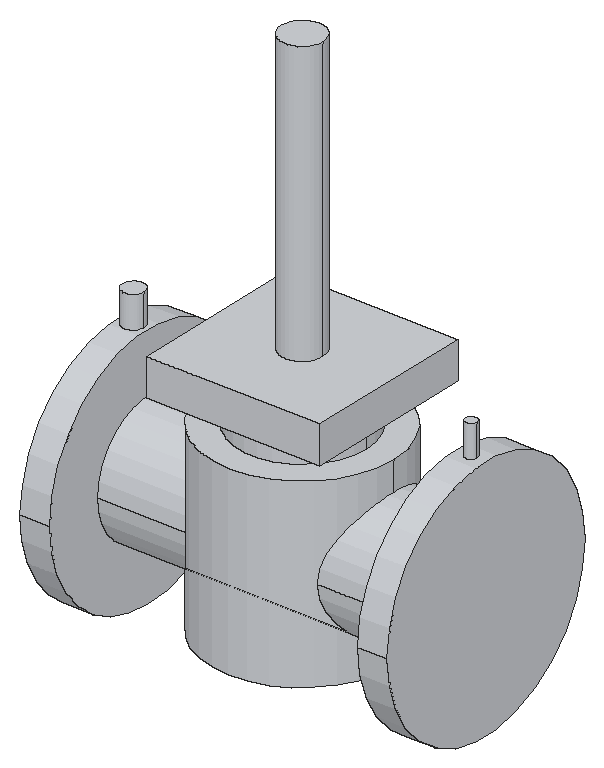
Revit family "OPTIMA_Compact_FLANGE_PN25_DN100-HF_RFA_2018", category Pipe Accessories, Revit 2018
Family settings
  Round Connector Dimension = Use Diameter
  Part Type = Valve - Breaks Into
  Work Plane-Based = No
  Always vertical = Yes
  Cut with Voids When Loaded = No
  Shared = No
Parameters (values of type "Optima Compact Flange PN25 DN100 HF")
  magiProductId = "Frese Optima Flange DN100 HF"
  magiProductFamilyId = "Frese Optima Flange *"
  magiPartTypeId = 304
  isMeasuringValve [instance] = no
  ang2D [instance] = 0.00°
  W2D = 50 mm
  VersionID = "2.0/2018.8.28.1/FRESE_OPTIMA_FLANGE_Q13_002"
  Use Minimum Symbol Size [instance] = yes
  URL = "www.hydronic.cz"
  Type Comments = "Přírubový; PN25; 0~120°C, s měřením"
  R4 = 61.25 mm
  R3 = 61.1 mm
  R1 = 87.5 mm
  QmdConnectorList = "301;D;302;D"
  Productdata [instance] = ""
  Manufacturer = "Hydronic Systems Prague s.r.o."
  MC Product Code = "53-1233 (DN100 HF; 40mm; pohon min 1000N; Qmin-dpmin 14800l/h-30.0kPa; Qmax-dpmin 90000l/h-75.0kPa; dpmax 800kPa)"
  MC Piping Given Pressure Drop [instance] = 0.0 Pa
  LF__ve = -LF  # -28 mm
  LF2 = 14 mm
  LF = 28 mm
  L4 = 164.5 mm
  L3 = 294 mm
  L2D_Min = 3048 mm
  L2D = 230 mm
  L2 = 175 mm
  H6 = 268.75 mm
  H4 = 35.25 mm
  H3 = 29.375 mm
  H2 = 88.125 mm
  H1 = 176.25 mm
  Description = "Tlakově nezávislý 2-cestný regulační vyvažovací ventil (PICV)"
  DF2 = 117.5 mm
  D = 100 mm
  CAT0 = yes
Types (14, lengths in mm): name | magiProductId | magiProductFamilyId | W2D | Type Comments | R4 | R3 | R1 | MC Product Code | LF__ve | LF2 | LF | L4 | L3 | L2D | L2 | H6 | H4 | H3 | H2 | H1 | DF2 | D
  Optima Compact Flange PN25 DN050 LF | "Frese Optima Flange DN050 LF" | "Frese Optima Flange *" | 50 | "Přírubový; PN25; 0~120°C, s měřením" | 40.3 | 42.9 | 57.5 | "53-1220 (DN50 LF; 20mm; pohon min 1000N; Qmin-dpmin 2500l/h-6.5kPa; Qmax-dpmin 15000l/h-20.0kPa; dpmax 800kPa)" | -18.4 | 9.2 | 18.4 | 108.1 | 193.2 | 230 | 115 | 157.3 | 24.8 | 20.6 | 61.9 | 123.8 | 82.5 | 50
  Optima Compact Flange PN25 DN050 HF | "Frese Optima Flange DN050 HF" | "Frese Optima Flange *" | 50 | "Přírubový; PN25; 0~120°C, s měřením" | 40.25 | 42.9 | 57.5 | "53-1230 (DN50 HF; 20mm; pohon min 1000N; Qmin-dpmin 3900l/h-19.0kPa; Qmax-dpmin 24000l/h-50.0kPa; dpmax 800kPa)" | -18.4 | 9.2 | 18.4 | 108.1 | 193.2 | 230 | 115 | 157.25 | 24.75 | 20.625 | 61.875 | 123.75 | 82.5 | 50
  Optima Compact Flange PN25 DN065 LF | "Frese Optima Flange DN065 LF" | "Frese Optima Flange *" | 50 | "Přírubový; PN25; 0~120°C, s měřením" | 50.75 | 48.1 | 72.5 | "53-1221 (DN65 LF; 20mm; pohon min 1000N; Qmin-dpmin 4400l/h-15.0kPa; Qmax-dpmin 25000l/h-25.0kPa; dpmax 800kPa)" | -23.2 | 11.6 | 23.2 | 136.3 | 243.6 | 230 | 145 | 171.25 | 27.75 | 23.125 | 69.375 | 138.75 | 92.5 | 65
  Optima Compact Flange PN25 DN065 HF | "Frese Optima Flange DN065 HF" | "Frese Optima Flange *" | 50 | "Přírubový; PN25; 0~120°C, s měřením" | 50.75 | 48.1 | 72.5 | "53-1231 (DN65 HF; 20mm; pohon min 1000N; Qmin-dpmin 6000l/h-30.0kPa; Qmax-dpmin 35000l/h-55.0kPa; dpmax 800kPa)" | -23.2 | 11.6 | 23.2 | 136.3 | 243.6 | 230 | 145 | 171.25 | 27.75 | 23.125 | 69.375 | 138.75 | 92.5 | 65
  Optima Compact Flange PN25 DN080 LF | "Frese Optima Flange DN080 LF" | "Frese Optima Flange *" | 50 | "Přírubový; PN25; 0~120°C, s měřením" | 54.25 | 52 | 77.5 | "53-1222 (DN80 LF; 20mm; pohon min 1000N; Qmin-dpmin 5300l/h-16.0kPa; Qmax-dpmin 34000l/h-25.0kPa; dpmax 800kPa)" | -24.8 | 12.4 | 24.8 | 145.7 | 260.4 | 230 | 155 | 183 | 30 | 25 | 75 | 150 | 100 | 80
  Optima Compact Flange PN25 DN080 HF | "Frese Optima Flange DN080 HF" | "Frese Optima Flange *" | 50 | "Přírubový; PN25; 0~120°C, s měřením" | 54.25 | 52 | 77.5 | "53-1232 (DN80 HF; 20mm; pohon min 1000N; Qmin-dpmin 7000l/h-23.0kPa; Qmax-dpmin 43000l/h-50.0kPa; dpmax 800kPa)" | -24.8 | 12.4 | 24.8 | 145.7 | 260.4 | 230 | 155 | 183 | 30 | 25 | 75 | 150 | 100 | 80
  Optima Compact Flange PN25 DN100 LF | "Frese Optima Flange DN100 LF" | "Frese Optima Flange *" | 50 | "Přírubový; PN25; 0~120°C, s měřením" | 61.25 | 61.1 | 87.5 | "53-1223 (DN100 LF; 40mm; pohon min 1000N; Qmin-dpmin 12100l/h-20.0kPa; Qmax-dpmin 68000l/h-35.0kPa; dpmax 800kPa)" | -28 | 14 | 28 | 164.5 | 294 | 230 | 175 | 268.75 | 35.25 | 29.375 | 88.125 | 176.25 | 117.5 | 100
  Optima Compact Flange PN25 DN100 HF | "Frese Optima Flange DN100 HF" | "Frese Optima Flange *" | 50 | "Přírubový; PN25; 0~120°C, s měřením" | 61.25 | 61.1 | 87.5 | "53-1233 (DN100 HF; 40mm; pohon min 1000N; Qmin-dpmin 14800l/h-30.0kPa; Qmax-dpmin 90000l/h-75.0kPa; dpmax 800kPa)" | -28 | 14 | 28 | 164.5 | 294 | 230 | 175 | 268.75 | 35.25 | 29.375 | 88.125 | 176.25 | 117.5 | 100
  Optima Compact Flange PN25 DN125 LF | "Frese Optima Flange DN125 LF" | "Frese Optima Flange *" | 50 | "Přírubový; PN25; 0~120°C, s měřením" | 70 | 70.2 | 100 | "53-1224 (DN125 LF; 40mm; pohon min 1000N; Qmin-dpmin 18500l/h-16.0kPa; Qmax-dpmin 110000l/h-35.0kPa; dpmax 800kPa)" | -32 | 16 | 32 | 188 | 336 | 230 | 200 | 275.5 | 40.5 | 33.75 | 101.25 | 202.5 | 135 | 125
  Optima Compact Flange PN25 DN125 HF | "Frese Optima Flange DN125 HF" | "Frese Optima Flange *" | 50 | "Přírubový; PN25; 0~120°C, s měřením" | 70 | 70.2 | 100 | "53-1234 (DN125 HF; 40mm; pohon min 1000N; Qmin-dpmin 23000l/h-27.0kPa; Qmax-dpmin 135000l/h-53.0kPa; dpmax 800kPa)" | -32 | 16 | 32 | 188 | 336 | 230 | 200 | 275.5 | 40.5 | 33.75 | 101.25 | 202.5 | 135 | 125
  Optima Compact Flange PN25 DN150 LF | "Frese Optima Flange DN150 LF" | "Frese Optima Flange *" | 50 | "Přírubový; PN25; 0~110°C, s měřením" | 84 | 74.1 | 120 | "53-1225 (DN150 LF; 43mm; pohon min 1500N; Qmin-dpmin 25600l/h-21.0kPa; Qmax-dpmin 148000l/h-35.0kPa; dpmax 800kPa)" | -38.4 | 19.2 | 38.4 | 225.6 | 403.2 | 230 | 240 | 279.25 | 42.75 | 35.625 | 106.875 | 213.75 | 142.5 | 150
  Optima Compact Flange PN25 DN150 HF | "Frese Optima Flange DN150 HF" | "Frese Optima Flange *" | 50 | "Přírubový; PN25; 0~110°C, s měřením" | 84 | 74.1 | 120 | "53-1235 (DN150 HF; 43mm; pohon min 1500N; Qmin-dpmin 32000l/h-33.0kPa; Qmax-dpmin 195000l/h-65.0kPa; dpmax 800kPa)" | -38.4 | 19.2 | 38.4 | 225.6 | 403.2 | 230 | 240 | 279.25 | 42.75 | 35.625 | 106.875 | 213.75 | 142.5 | 150
  Optima Compact Flange PN25 DN200 LF | "" | "" | 100 | "Přírubový; PN25; 0~110°C, s měřením" | 164.5 | 98.8 | 235 | "53-1226 (DN200 LF; 43mm; pohon min 1500N; Qmin-dpmin 95000l/h-11.0kPa; Qmax-dpmin 210000l/h-32.0kPa; dpmax 800kPa)" | -48 | 24 | 48 | 282 | 504 | 350 | 300 | 281 | 57 | 15 | 209 | 380 | 190 | 200
  Optima Compact Flange PN25 DN200 HF | "" | "" | 100 | "Přírubový; PN25; 0~110°C, s měřením" | 164.5 | 98.8 | 235 | "53-1236 (DN200 HF; 43mm; pohon min 1500N; Qmin-dpmin 130000l/h-31.0kPa; Qmax-dpmin 280000l/h-78.0kPa; dpmax 800kPa)" | -48 | 24 | 48 | 282 | 504 | 350 | 300 | 281 | 57 | 15 | 209 | 380 | 190 | 200
Reference planes
  plane 1 "Center (Front/Back)": y = 0
  plane 2 "XYPLANE": z = 0
  plane 3 "Center (Left/Right)": x = 0
  plane 4 "157": x = 161
  plane 5 "156": x = -161
  plane 6 "155": z = 117.5
  plane 7 "154": z = 152.75
  plane 8 "153": z = 117.5
  plane 9 "152": z = 88.125
  plane 10 "151": x = -147
  plane 11 "150": z = -88.125
  plane 12 "149": x = 0
  plane 13 "148": y = 0
  plane 14 "147": z = 0
  plane 15 "146": x = -175
  plane 16 "145": x = 175
Forms (mm)
  Extrusion 1, solid, visible <- "CAT0"
    sketch origin (-750, 0, 117.5) x (1, 0, 0) y (0, 1, 0)
      loop
        circle (911, 0) r 5.5
    from 0 to 30
  Extrusion 2, solid, visible <- "CAT0"
    sketch origin (-750, 0, 117.5) x (1, 0, 0) y (0, 1, 0)
      loop
        circle (589, 0) r 10.3
    from 0 to 30
  Extrusion 3, solid, visible <- "CAT0"
    sketch origin (-750, 0, 152.75) x (1, 0, 0) y (0, 1, 0)
      loop
        circle (750, 0) r 20
    from 0 to 268.75 <- "H6"
  Extrusion 4, solid, visible <- "CAT0"
    sketch origin (-750, 0, 117.5) x (1, 0, 0) y (0, 1, 0)
      loop
        line (832.25, 82.25) -> (667.75, 82.25) -> (667.75, -82.25) -> (832.25, -82.25) -> (832.25, 82.25)
    from 0 to 35.25 <- "H4"
  Extrusion 5, solid, visible <- "CAT0"
    sketch origin (-750, 0, 88.125) x (1, 0, 0) y (0, 1, 0)
      loop
        circle (750, 0) r 61.25
    from 0 to 29.375 <- "H3"
  Extrusion 6, solid, visible <- "CAT0"
    sketch origin (-147, -750, 0) x (0, 1, 0) y (0, 0, 1)
      loop
        circle (750, 0) r 61.1
    from 0 to 294 <- "L3"
  Extrusion 7, solid, visible <- "CAT0"
    sketch origin (-750, 0, -88.125) x (1, 0, 0) y (0, 1, 0)
      loop
        circle (750, 0) r 87.5
    from 0 to 176.25 <- "H1"
  Extrusion 8, solid, visible <- "CAT0"
    sketch origin (-175, -750, 0) x (0, 1, 0) y (0, 0, 1)
      loop
        circle (750, 0) r 117.5
    from 0 to 28 <- "LF"
  Extrusion 9, solid, visible <- "CAT0"
    sketch origin (175, -750, 0) x (0, 1, 0) y (0, 0, 1)
      loop
        circle (750, 0) r 117.5
    from 0 to -28 <- "LF__ve"
  Extrusion 10, solid, not visible
    sketch origin (-175, -750, 0) x (0, 1, 0) y (0, 0, 1)
      loop
        circle (750, 0) r 10
    from 0 to 10
  Extrusion 11, solid, not visible
    sketch origin (175, -750, 0) x (0, 1, 0) y (0, 0, 1)
      loop
        circle (750, 0) r 10
    from 0 to -10
Lines and regions (mm)
  reference lines, not visible
    curve 1: circle (2, 2, 0) r 1 normal (0, 0, 1)
  reference lines
    curve 2: circle (0, 0, 117.5) r 1 normal (0, 0, 1)
Dimensions and locks
  plane 1 "Center (Front/Back)" to curve 1 = 2 mm
  "LF2": plane 16 "145" to plane 4 "157"
  "LF2": plane 15 "146" to plane 5 "156"
  "DF2": plane 2 "XYPLANE" to plane 6 "155"
  "H4": plane 8 "153" to plane 7 "154"
  "H3": plane 9 "152" to plane 8 "153"
  "H1": plane 11 "150" to plane 9 "152"
  "LF": plane 15 "146" to plane 10 "151"
  "H2": plane 2 "XYPLANE" to plane 11 "150"
  locked: plane 3 "Center (Left/Right)" to plane 12 "149"
  locked: plane 1 "Center (Front/Back)" to plane 13 "148"
  locked: plane 2 "XYPLANE" to plane 14 "147"
  "L2": plane 3 "Center (Left/Right)" to plane 15 "146"
  "L2": plane 3 "Center (Left/Right)" to plane 16 "145"
  equal spacing: Extrusion 4 sketch curve, curve 2, Extrusion 4 sketch curve  (x2)
  "L4": Extrusion 4 sketch curve to Extrusion 4 sketch curve  (x2)
  Extrusion 4 sketch curve to Extrusion 4 sketch curve = 0 mm  (x8)
  "R4": radius of Extrusion 5 sketch curve
  "R3": radius of Extrusion 6 sketch curve
  "R1": radius of Extrusion 7 sketch curve
  "DF2": radius of Extrusion 8 sketch curve
  "DF2": radius of Extrusion 9 sketch curve
  aligned and locked: level to plane 2 "XYPLANE"
  aligned and locked: plane 4 "157" to Extrusion 1 sketch curve
  aligned and locked: plane 13 "148" to Extrusion 1 sketch curve
  aligned and locked: plane 5 "156" to Extrusion 2 sketch curve
  aligned and locked: plane 13 "148" to Extrusion 2 sketch curve
  aligned and locked: plane 12 "149" to Extrusion 3 sketch curve
  aligned and locked: plane 13 "148" to Extrusion 3 sketch curve
  aligned and locked: plane 12 "149" to curve 2
  aligned and locked: plane 13 "148" to curve 2
  aligned and locked: plane 12 "149" to Extrusion 5 sketch curve
  aligned and locked: plane 13 "148" to Extrusion 5 sketch curve
  aligned and locked: Extrusion 6 sketch curve to plane 13 "148"
  aligned and locked: plane 14 "147" to Extrusion 6 sketch curve
  aligned and locked: plane 12 "149" to Extrusion 7 sketch curve
  aligned and locked: plane 13 "148" to Extrusion 7 sketch curve
  aligned and locked: Extrusion 8 sketch curve to plane 13 "148"
  aligned and locked: plane 14 "147" to Extrusion 8 sketch curve
  aligned and locked: Extrusion 9 sketch curve to plane 13 "148"
  aligned and locked: plane 14 "147" to Extrusion 9 sketch curve
  aligned and locked: Extrusion 10 sketch curve to plane 13 "148"
  aligned and locked: plane 14 "147" to Extrusion 10 sketch curve
  aligned and locked: Extrusion 11 sketch curve to plane 13 "148"
  aligned and locked: plane 14 "147" to Extrusion 11 sketch curve
Automatic sketch dimensions
  Extrusion 1 sketch curve to plane 4 "157" = 5.5 mm
  plane 15 "146" to Extrusion 2 sketch curve = 3.7 mm
  Extrusion 3 sketch curve to plane 3 "Center (Left/Right)" = 20 mm
  plane 1 "Center (Front/Back)" to Extrusion 10 sketch curve = 10 mm
  plane 1 "Center (Front/Back)" to Extrusion 11 sketch curve = 10 mm
  plane 3 "Center (Left/Right)" to curve 1 = 2 mm
  plane 10 "151" to Extrusion 4 sketch curve = 64.75 mm
  plane 1 "Center (Front/Back)" to Extrusion 4 sketch curve = 82.25 mm
  radius of curve 2 = 1 mm
  radius of curve 1 = 1 mm
Connectors
  piping at (-175, 0, 0), diameter 100, driven by "D"
    settings: on Extrusion 10, index 1, connector inside diameter 609.6 mm, connector length 0 mm, flow factor 0, pipe flow 0.0 L/s, pressure drop 0.0 Pa, fitting loss kfactor 0, connector angle 0.00°, fixture units 0, engagement length 0 mm, angle of deflection 0.00°, flow configuration 0, flow direction 0, fitting loss method 0, system type 29, joint type 0, gender type 0, connector reference index 2, connector utility 0, adjustable connector no, is connector primary yes, connector description ""
  piping at (175, 0, 0), diameter 100, driven by "D"
    settings: on Extrusion 11, index 2, connector inside diameter 609.6 mm, connector length 0 mm, flow factor 0, pipe flow 0.0 L/s, pressure drop 0.0 Pa, fitting loss kfactor 0, connector angle 0.00°, fixture units 0, engagement length 0 mm, angle of deflection 0.00°, flow configuration 0, flow direction 0, fitting loss method 0, system type 29, joint type 0, gender type 0, connector reference index 1, connector utility 0, adjustable connector no, is connector primary no, connector description ""
